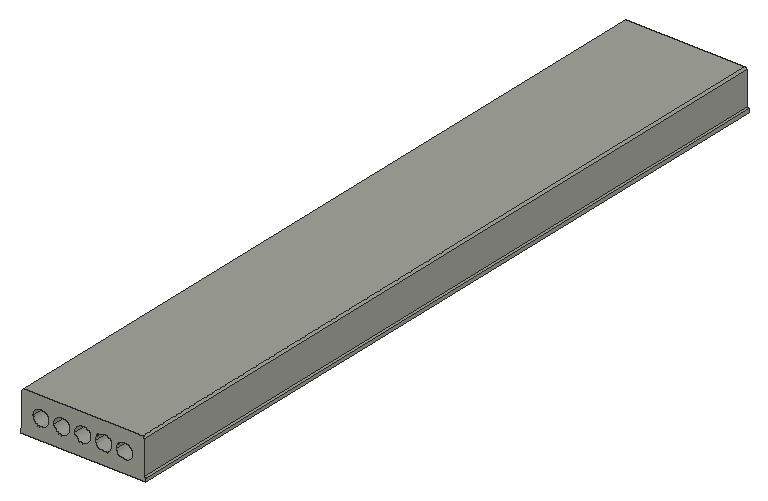
Revit family "Alveolar_40", category Structural Framing, Revit 2025
Family settings
  Structural Framing Length Roundoff = 0.000 m
  Section Shape = Not Defined
  Material for Model Behavior = Other
  Always export as geometry = No
  Work Plane-Based = No
  Always vertical = Yes
  Cut with Voids When Loaded = No
  Symbolic Representation = From Family
  Shared = No
  Show family pre-cut in plan views = Yes
Parameters (values of type "LAJ_125x040_CON_PRO_ALV")
  Structural Material [instance] = CT_Concreto
  Material_Laje_Alveolar = CT_Concreto
  Laje_alv_Vao [instance] = 7.500 m
  Laje_alv_Raio = Laje_alv_Altura / 5  # 0.080 m
  Laje_alv_Largura = 1.250 m
  Laje_alv_Altura = 0.400 m
Reference planes (m)
  plane 1 "Center (Front/Back)": y = 0
  plane 2: z = 0
  plane 3 "Center (Left/Right)": x = 0
  plane 4: z = -0.4
  plane 5: x = 1.25
  plane 6: z = -0.2
  plane 7: x = 0.208333
  plane 8: x = 0.416667
  plane 9: x = 0.625
  plane 10: x = 0.833333
  plane 11: x = 1.041667
  plane 12: y = 7.5
Forms (m)
  Extrusion 1, solid, material "CT_Concreto" <- "Material_Laje_Alveolar"
    sketch origin (0, 0, 0) x (1, 0, 0) y (0, 0, 1)
      loop
        line (0.035, 0) -> (0.014142, -0.020858) -> (0.014142, -0.355858) -> (0, -0.37) -> (0, -0.4) -> (1.25, -0.4) -> (1.25, -0.37) -> (1.235858, -0.355858) -> (1.235858, -0.020858) -> (1.215, 0) -> (0.035, 0)
      loop
        circle (0.208333, -0.2) r 0.08
      loop
        circle (0.416667, -0.2) r 0.08
      loop
        circle (0.625, -0.2) r 0.08
      loop
        circle (0.833333, -0.2) r 0.08
      loop
        circle (1.041667, -0.2) r 0.08
    from 0 to -7.5
Dimensions and locks (m)
  "Laje_alv_Altura": plane 2 to plane 4
  "Laje_alv_Largura": plane 5 to plane 3 "Center (Left/Right)"
  "Laje_alv_Vao": plane 12 to plane 1 "Center (Front/Back)"
  equal spacing: level, plane 6, plane 4
  equal spacing: plane 5, plane 11, plane 10, plane 9, plane 8, plane 7, plane 3 "Center (Left/Right)"
  "Laje_alv_Raio": radius of Extrusion 1 sketch curve  (x5)
  aligned and locked: level to plane 2
  aligned and locked: Extrusion 1 sketch curve to plane 2
  aligned and locked: plane 3 "Center (Left/Right)" to Extrusion 1 sketch curve
  aligned and locked: plane 4 to Extrusion 1 sketch curve
  aligned and locked: plane 12 to Extrusion 1
Automatic sketch dimensions
  Extrusion 1 sketch curve to plane 6 = 0.000 m  (x5)
  Extrusion 1 sketch curve to plane 7 = 0.000 m
  Extrusion 1 sketch curve to plane 8 = 0.000 m
  Extrusion 1 sketch curve to plane 9 = 0.000 m
  Extrusion 1 sketch curve to plane 10 = 0.000 m
  Extrusion 1 sketch curve to plane 11 = 0.000 m
  plane 5 to Extrusion 1 sketch curve = 0.000 m
  plane 3 "Center (Left/Right)" to Extrusion 1 sketch curve = 0.014142 m
  Extrusion 1 sketch curve to Extrusion 1 sketch curve = 0.020858 m
  Extrusion 1 sketch curve to plane 5 = 0.035 m
  Extrusion 1 sketch curve to plane 5 = 0.014142 m
  Extrusion 1 sketch curve to Extrusion 1 sketch curve = 0.030 m  (x2)
  Extrusion 1 sketch curve to Extrusion 1 sketch curve = 0.014142 m  (x2)
  Extrusion 1 sketch curve to level = 0.020858 m  (x2)
